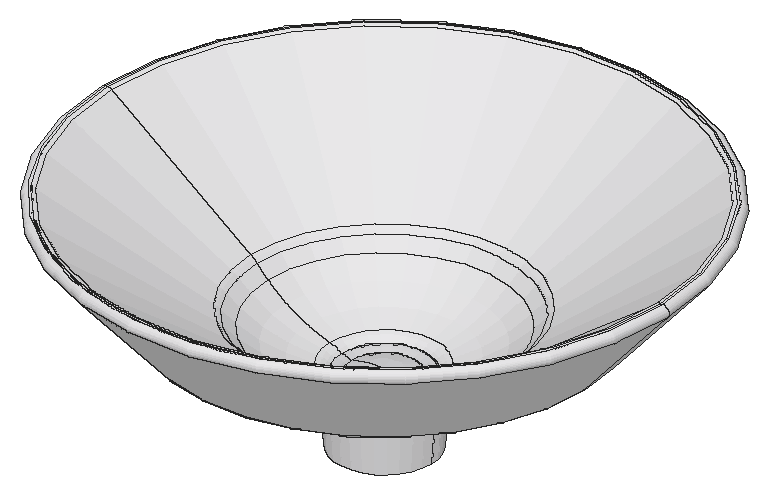
Revit family "Sink-Vessel-Lavatory-KOHLER-Conical_Bell-K-2200IN_1", category Plumbing Fixtures, host Face, Revit 2021
Family settings
  Host = Face
  Round Connector Dimension = Use Diameter
  Part Type = Normal
  OmniClass Number = 23.31.13.00
  OmniClass Title = Sinks
  Cut with Voids When Loaded = No
  Shared = No
  Room Calculation Point = No
Parameters (values of type "0-White")
  Width = 16 7/32"  # constant formula
  WaterSense Certified = 1 = 0  # no
  Waste Water Outlet = "Waste Water Outlet"  # constant formula
  Waste Connection = 1 = 1  # yes
  Vent Connection = 1 = 0  # no
  URL = "https://www.kohler.co.in/"
  Type = 1
  Product Page URL = "https://www.kohler.co.in/product-detail/2200in?skuid=K-2200IN-0"
  Product Name = "Conical Bell"  # constant formula
  Product Documentation Link = "https://resources.kohler.com/plumbing/kohlerindia/pdf/k2200g0.pdf"
  Pressure = 0.00 psi
  Model = if(Type = 1, "K-2200IN-0", if(Type = 2, "K-2200IN-7", if(Type = 3, "K-2200IN-47", if(Type = 4, "K-2200IN-DGS", if(Type = 5, "K-2200IN-K4", if(Type = 6, "K-2200IN-G-0", "NA"))))))  # "K-2200IN-0"
  Material = "Vitreous China"  # constant formula
  Master Format 2014 Name = "Residential Lavatories and Sinks"  # constant formula
  Master Format 2014 = "22 41 16"  # constant formula
  Manufacturer Address = "Ambience Office Tower NH-8 Gurgaon / Gurugram Haryana , 122001"  # constant formula
  Manufacturer = "Kohler Co."  # constant formula
  Length = 16 7/32"  # constant formula
  Hot Water Inlet = "Hot Water Inlet"  # constant formula
  Height = 6 97/256"  # constant formula
  HW Connection = 1 = 0  # no
  Flow Rate = 0 GPM
  Finish = Kohler-Vitreous_China-0-White
  Environmental Product Declaration = ""
  Drain Included = 1 = 0  # no
  Description = if(Type > 5, "Vessel lavatory with glazed bottom", "Vessel lavatory without faucet hole")  # "Vessel lavatory without faucet hole"
  Default Elevation = 36"
  Declare Label = ""
  Date Modified = "12/04/2023"  # constant formula
  Date Created = "07/06/2020"  # constant formula
  Copyright = "Copyright Kohler Co."  # constant formula
  Contact Us = "https://www.kohler.co.in/contact-us"
  Cold Water Inlet = "Cold Water Inlet"  # constant formula
  CW Connection = 1 = 0  # no
  Assembly Code = "D2010400"
  ADA Compliant = 1 = 0  # no
Types (7): name | Type | Product Page URL | Product Documentation Link | Model | Finish | Description
  (no name) | 1 | "https://www.kohler.co.in/product-detail/2200in?skuid=K-2200IN-0" | "https://resources.kohler.com/plumbing/kohlerindia/pdf/k2200g0.pdf" | "K-2200IN-0" | Kohler-Vitreous_China-0-White | "Vessel lavatory without faucet hole"
  0-White | 1 | "https://www.kohler.co.in/product-detail/2200in?skuid=K-2200IN-0" | "https://resources.kohler.com/plumbing/kohlerindia/pdf/k2200g0.pdf" | "K-2200IN-0" | Kohler-Vitreous_China-0-White | "Vessel lavatory without faucet hole"
  Glazed Underside, 0-White | 6 | "" | "" | "K-2200IN-G-0" | Kohler-Vitreous_China-0-White | "Vessel lavatory with glazed bottom"
  7-Black Black | 2 | "https://www.kohler.co.in/product-detail/2200in?skuid=K-2200IN-7" | "https://resources.kohler.com/plumbing/kohlerindia/pdf/k2200g0.pdf" | "K-2200IN-7" | Kohler-Vitreous_China-7-Black_Black | "Vessel lavatory without faucet hole"
  47-Almond | 3 | "" | "https://resources.kohler.com/plumbing/kohlerindia/pdf/k2200g0.pdf" | "K-2200IN-47" | Kohler-Vitreous_China-47-Almond | "Vessel lavatory without faucet hole"
  DGS-Indigo | 4 | "" | "https://resources.kohler.com/plumbing/kohlerindia/pdf/k2200g0.pdf" | "K-2200IN-DGS" | KOHLER-Vitreous_China-DGS-Indigo | "Vessel lavatory without faucet hole"
  K4-Cashmere | 5 | "https://www.kohler.co.in/product-detail/2200in?skuid=K-2200IN-K4" | "https://resources.kohler.com/plumbing/kohlerindia/pdf/k2200g0.pdf" | "K-2200IN-K4" | Kohler-Vitreous_China-K4-Cashmere | "Vessel lavatory without faucet hole"
Reference planes (in)
  plane 1 "Center (Front/Back)": y = 0
  plane 2: z = 0
  plane 3 "Center (Left/Right)": x = 0
  plane 4: x = -8.11024
  plane 5: x = 8.10851
  plane 6: y = 8.11024
  plane 7: y = -8.10851
  plane 8: z = 2.99213
  plane 9: z = -3.38678
Forms (in)
  Extrusion 1, void
    sketch origin (0, 0, 0) x (1, 0, 0) y (0, 1, 0)
      loop
        circle (0, 0) r 4.92126
    from -3.38583 to 0
Dimensions and locks (in)
  "Width": plane 6 to plane 7
  "Length": plane 4 to plane 5
  "Height": plane 8 to plane 9
  plane 8 to plane 2 = 2.99213"
  plane 3 "Center (Left/Right)" to plane 5 = 8.10851"
  plane 1 "Center (Front/Back)" to plane 6 = 8.11024"
  aligned and locked: plane 2 to host face
  aligned and locked: level to host face
Automatic sketch dimensions
  host sketch curve to host sketch curve = 96"  (x2)
  plane 1 "Center (Front/Back)" to Extrusion 1 sketch curve = 0"
  Extrusion 1 sketch curve to plane 3 "Center (Left/Right)" = 0"
  radius of Extrusion 1 sketch curve = 4.92126"
Nested families (in)
  nested 1: "K-2200IN" at (0, 0, -3.38583), type "K-2200IN"
Connectors (in)
  piping at (0, 0, -3.38583), diameter 1.25, driven by "Waste Connection", driven by "Waste Water Outlet"
    settings: on nested 1, index 1, connector inside diameter 24", connector length 0", flow factor 0, pipe flow 0 GPM, pressure drop 0.00 psi, fitting loss kfactor 0, connector angle 0.00°, fixture units 0, engagement length 0", angle of deflection 0.00°, flow configuration 0, flow direction 2, fitting loss method 0, system type 16, joint type 0, gender type 0, connector reference index -1, connector utility 1, adjustable connector no, is connector primary yes, connector description "Waste Water Outlet"
Definition of nested family "K-2200IN"
  Parameters (values of type "K-2200IN")
    Material = none
    Default Elevation = 0"
  Reference planes (in)
    plane 1 "Center (Front/Back)": y = 0
    plane 2: z = 0
    plane 3 "Center (Left/Right)": x = 0
    plane 4: y = 8.11024
    plane 5: y = -8.11024
    plane 6: x = 8.11024
    plane 7: x = -8.11024
    plane 8: z = 6.37795
    plane 9: z = 3.38583
  Forms (in)
    Revolve 1, solid, material <- "Material", detail levels medium+fine
      sketch origin (0, 0, 0) x (1, 0, 0) y (0, 0, 1)
        loop
          arc (7.87831, 6.37795) -> (7.8166, 6.36831) -> (7.76078, 6.34032) r 0.20233
          line (7.76078, 6.34032) -> (3.80896, 3.52014)
          arc (3.80896, 3.52014) -> (3.71623, 3.44582) -> (3.63233, 3.36166) r 1.06674
          arc (3.63233, 3.36166) -> (3.48213, 3.20029) -> (3.32511, 3.04555) r 5.11723
          arc (3.32511, 3.04555) -> (2.49955, 2.44484) -> (1.54913, 2.07188) r 4.01342
          arc (1.54913, 2.07188) -> (1.21326, 1.86222) -> (1.06291, 1.49594) r 0.64566
          line (1.06291, 1.49594) -> (1.06291, 0) -> (1.34493, 0) -> (1.45542, 1.4161)
          arc (1.45542, 1.4161) -> (1.51409, 1.55904) -> (1.64516, 1.64085) r 0.25196
          arc (1.64516, 1.64085) -> (2.77765, 2.10045) -> (3.74037, 2.85341) r 4.40712
          line (3.74037, 2.85341) -> (4.09639, 3.22207)
          arc (4.09639, 3.22207) -> (4.27262, 3.34319) -> (4.48216, 3.38583) r 0.53629
          line (4.48216, 3.38583) -> (5.63666, 3.38583)
          arc (5.63666, 3.38583) -> (5.6812, 3.39541) -> (5.71787, 3.42245) r 0.10834
          line (5.71787, 3.42245) -> (8.06598, 6.08154)
          arc (8.06598, 6.08154) -> (8.09488, 6.27293) -> (7.93229, 6.37795) r 0.17835
          line (7.93229, 6.37795) -> (7.87831, 6.37795)
        axis (0, 6.37795) -> (0, 0)
      angle from 0 to 360
    Revolve 2, solid, detail levels medium+fine
      sketch origin (0, 0, 0.04921) x (1, 0, 0) y (0, 0, 1)
        loop
          line (0, 1.41878) -> (0, 1.93165)
          arc (0, 1.93165) -> (-0.45322, 1.90002) -> (-0.89765, 1.80572) r 3.26224
          arc (-0.89765, 1.80572) -> (-0.90727, 1.79092) -> (-0.89395, 1.77933) r 0.01345
          line (-0.89395, 1.77933) -> (-0.47341, 1.77933) -> (-0.47341, 1.64604) -> (-0.92435, 1.64604) -> (-0.95196, 1.7491)
          arc (-0.95196, 1.7491) -> (-1.06293, 1.83403) -> (-1.19767, 1.8711) r 0.36541
          arc (-1.19767, 1.8711) -> (-1.22863, 1.84821) -> (-1.21046, 1.81426) r 0.02944
          line (-1.21046, 1.81426) -> (-1.05016, 1.75273)
          arc (-1.05016, 1.75273) -> (-1.00292, 1.71648) -> (-0.98304, 1.66034) r 0.10483
          line (-0.98304, 1.66034) -> (-0.97038, 1.41878) -> (0, 1.41878)
        axis (0, 1.93165) -> (0, 1.41878)
      angle from 0 to 360
    Revolve 3, solid, material <- "Material", detail levels coarse
      sketch origin (0, 0, 0) x (1, 0, 0) y (0, 0, 1)
        loop
          line (4.9834, 3.38583) -> (5.68553, 3.38583) -> (8.04621, 6.05915)
          arc (8.04621, 6.05915) -> (8.04611, 6.31986) -> (7.78737, 6.35182) r 0.19685
          line (7.78737, 6.35182) -> (1.13765, 1.79445)
          arc (1.13765, 1.79445) -> (1.08462, 1.76879) -> (1.02637, 1.75997) r 0.19685
          line (1.02637, 1.75997) -> (0.7874, 1.75997) -> (0.7874, 0.49293) -> (0, 0.49293) -> (0, 0) -> (1.34493, 0) -> (1.46428, 1.5296) -> (4.05522, 3.12322)
          arc (4.05522, 3.12322) -> (4.50109, 3.31891) -> (4.9834, 3.38583) r 1.77165
        axis (0, 6.35182) -> (0, 0)
      angle from 0 to 360
    Extrusion 4, solid, material <- "Material", detail levels coarse
      sketch origin (0, 0, 0) x (1, 0, 0) y (0, 1, 0)
        loop
          circle (0, 0) r 1.08735
      from 0.49293 to 1.75997
  Cuts and joins
    joined: Revolve 3, Extrusion 4
  Lines and regions (in)
    Masking region 1
      outline origin (0, 0, 0) x (1, 0, 0) y (0, 1, 0)
        loop
          circle (0, 0) r 8.11024
    Masking region 2
      outline origin (0, 0, 0) x (1, 0, 0) y (0, 0, 1)
        loop
          line (4.48216, 3.38583) -> (5.63666, 3.38583)
          arc (5.63666, 3.38583) -> (5.6812, 3.39541) -> (5.71787, 3.42245) r 0.10834
          line (5.71787, 3.42245) -> (8.06598, 6.08154)
          arc (8.06598, 6.08154) -> (8.09488, 6.27293) -> (7.93229, 6.37795) r 0.17835
          line (7.93229, 6.37795) -> (-7.93229, 6.37795)
          arc (-7.93229, 6.37795) -> (-8.09488, 6.27293) -> (-8.06598, 6.08154) r 0.17835
          line (-8.06598, 6.08154) -> (-5.71787, 3.42245)
          arc (-5.71787, 3.42245) -> (-5.6812, 3.39541) -> (-5.63666, 3.38583) r 0.10834
          line (-5.63666, 3.38583) -> (-4.48216, 3.38583)
          arc (-4.48216, 3.38583) -> (-4.27262, 3.34319) -> (-4.09639, 3.22207) r 0.53629
          line (-4.09639, 3.22207) -> (-3.74037, 2.85341)
          arc (-3.74037, 2.85341) -> (-2.77765, 2.10045) -> (-1.64516, 1.64085) r 4.40712
          arc (-1.64516, 1.64085) -> (-1.51409, 1.55904) -> (-1.45542, 1.4161) r 0.25196
          line (-1.45542, 1.4161) -> (-1.34493, 0) -> (1.34493, 0) -> (1.45542, 1.4161)
          arc (1.45542, 1.4161) -> (1.51409, 1.55904) -> (1.64516, 1.64085) r 0.25196
          arc (1.64516, 1.64085) -> (2.77765, 2.10045) -> (3.74037, 2.85341) r 4.40712
          line (3.74037, 2.85341) -> (4.09639, 3.22207)
          arc (4.09639, 3.22207) -> (4.27262, 3.34319) -> (4.48216, 3.38583) r 0.53629
    Masking region 3
      outline origin (0, 0, 0) x (0, 1, 0) y (0, 0, 1)
        loop
          arc (-4.48175, 3.38583) -> (-4.27221, 3.34319) -> (-4.09598, 3.22207) r 0.53629
          line (-4.09598, 3.22207) -> (-3.73996, 2.85341)
          arc (-3.73996, 2.85341) -> (-2.77724, 2.10045) -> (-1.64475, 1.64085) r 4.40712
          arc (-1.64475, 1.64085) -> (-1.51368, 1.55904) -> (-1.45501, 1.4161) r 0.25196
          line (-1.45501, 1.4161) -> (-1.34452, 0) -> (1.34535, 0) -> (1.45583, 1.4161)
          arc (1.45583, 1.4161) -> (1.5145, 1.55904) -> (1.64557, 1.64085) r 0.25196
          arc (1.64557, 1.64085) -> (2.77807, 2.10045) -> (3.74079, 2.85341) r 4.40712
          line (3.74079, 2.85341) -> (4.0968, 3.22207)
          arc (4.0968, 3.22207) -> (4.27303, 3.34319) -> (4.48258, 3.38583) r 0.53629
          line (4.48258, 3.38583) -> (5.63707, 3.38583)
          arc (5.63707, 3.38583) -> (5.68162, 3.39541) -> (5.71828, 3.42245) r 0.10834
          line (5.71828, 3.42245) -> (8.0664, 6.08154)
          arc (8.0664, 6.08154) -> (8.09529, 6.27293) -> (7.93271, 6.37795) r 0.17835
          line (7.93271, 6.37795) -> (-7.93188, 6.37795)
          arc (-7.93188, 6.37795) -> (-8.09446, 6.27293) -> (-8.06557, 6.08154) r 0.17835
          line (-8.06557, 6.08154) -> (-5.71746, 3.42245)
          arc (-5.71746, 3.42245) -> (-5.68079, 3.39541) -> (-5.63625, 3.38583) r 0.10834
          line (-5.63625, 3.38583) -> (-4.48175, 3.38583)
    symbolic lines, detail levels medium+fine
      curve 1: circle (0, 0, 0) r 7.87402 normal (0, 0, 1)
      curve 3: circle (0, 0, 0) r 1.06291 normal (0, 0, 1)
      curve 5: line (-4.48216, 0, 3.38583) -> (4.48216, 0, 3.38583)
      curve 6: line (0, 4.48258, 3.38583) -> (0, -4.48175, 3.38583)
      curve 7: line (-1.64516, 0, 1.64085) -> (1.64516, 0, 1.64085)
      curve 8: line (-1.45542, 0, 1.4161) -> (1.45542, 0, 1.4161)
      curve 9: line (8.06598, 0, 6.08154) -> (-8.06598, 0, 6.08154)
      curve 10: line (-4.09639, 0, 3.22207) -> (4.09639, 0, 3.22207)
      curve 11: line (0, 8.0664, 6.08154) -> (0, -8.06557, 6.08154)
      curve 12: line (0, 4.0968, 3.22207) -> (0, -4.09598, 3.22207)
      curve 13: line (0, 1.64557, 1.64085) -> (0, -1.64475, 1.64085)
      curve 14: line (0, -1.45501, 1.4161) -> (0, 1.45583, 1.4161)
      curve 15: circle (0, 0, 0) r 7.67717 normal (0, 0, 1)
    symbolic lines
      curve 2: circle (0, 0, 0) r 3.62725 normal (0, 0, 1)
      curve 4: circle (0, 0, 0) r 1.52229 normal (0, 0, 1)
  Dimensions and locks (in)
    plane 5 to plane 4 = 16.22047"
    plane 8 to plane 2 = 6.37795"
    plane 8 to plane 9 = 2.99213"
    plane 8 to level = 6.37795"
    aligned and locked: plane 2 to level
